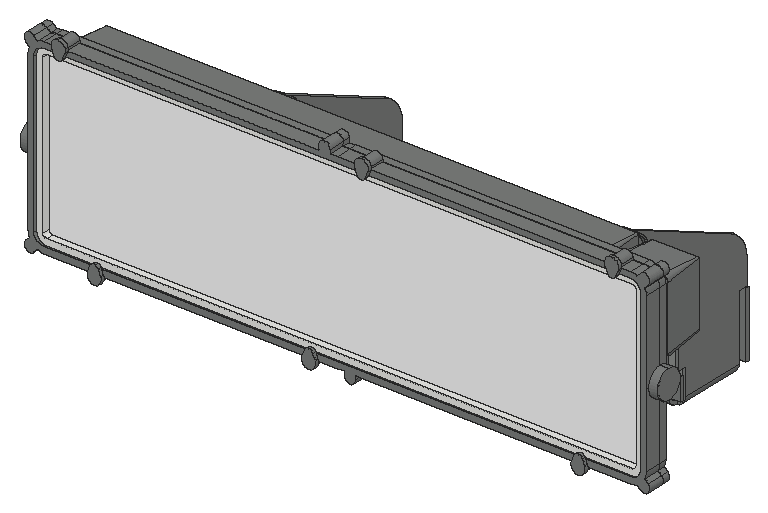
Revit family "Zumtobel ALTIS GEN5 1 Module", category Lighting Fixtures, host Face, Revit 2023
Family settings
  Host = Face
  Round Connector Dimension = Use Diameter
  Part Type = Normal
  Cut with Voids When Loaded = No
  Light Source = No
  Maintain Annotation Orientation = No
  Shared = No
  Room Calculation Point = Yes
Parameters (values of type "ALG5 144L105-740 PST A6 ANT")
  Wattage = 457 W
  Visibility Upright Placed [instance] = Upright Placed  # yes
  Visibility Support = Power Supply Support  # no
  Visibility Leaning Placed [instance] = not(Visibility Upright Placed)  # no
  Visibility Gearbox = and(Power Supply Support, Gearbox)  # no
  Visibility Connection Box = and(Power Supply Support, Junction Box)  # no
  Upright Placed [instance] = yes
  URL = "https://www.thornlighting.com/96671918"
  Type Junction Box = Thorn ALTIS GEN5 Junction Box : ALG5 JUNCTION BOX GB TO 3X1 MODULE
  Type Image = TLG_ALT5_F_V1_FIFA.jpg
  Type IFC Predefined Type = "DIRECTIONSOURCE"
  Type Gearbox = Thorn ALTIS GEN5 Gearbox-Premium-class C5 with NTC : ALG5 GB 1368W 0.70A 565V 2CH DA
  Tilt Angle [instance] = 0.00°
  SELECT MODULE PROPERTIES = "SELECT INSTALLATION PROPERTIES"  # constant formula
  SELECT INSTALLATION PROPERTIES [instance] = "SELECT INSTALLATION PROPERTIES"  # constant formula
  SELECT ACCESSORIES = "SELECT CONNECTION BOX POSITION"  # constant formula
  RGB Light Colours = no
  Product ID = ""
  Power Supply Support = no
  Power Factor = 1
  Model = "96671918"
  Material = Thorn-Aluminium-RAL 7043-Traffic Grey B
  Manufacturer = "Zumtobel Lighting"  # constant formula
  Luminaire Width = 675 mm  # constant formula
  Luminaire Length = 170 mm  # constant formula
  Luminaire Height = 369 mm  # constant formula
  Lamp = "LED"  # constant formula
  Initial Color Temperature = 4000 K
  Gearbox = no
  Export Type to IFC As = "IfcLightFixtureType"
  Description = "Sports Floodlighting"  # constant formula
  Default Elevation = 0 mm  # constant formula
  Junction Box = no
  Assembly Code = "Pr_70_70_48_31"
  Apparent Load = Wattage / Power Factor  # 457 VA
  1 Module Standalone = no
  1 Module = yes
Reference planes
  plane 1 "Center (Front/Back)": y = 0
  plane 2: z = 0
  plane 3 "Center (Left/Right)": x = 0
  plane 4: x = -337.5
  plane 5: x = 337.5
  plane 6: z = 369
  plane 7: y = 45
Dimensions and locks
  equal spacing: plane 4, plane 3 "Center (Left/Right)", plane 5
  "Luminaire Width": plane 4 to plane 5
  "Luminaire Height": plane 6 to level
  aligned and locked: plane 2 to host face
  aligned and locked: level to host face
  aligned and locked: host face to nested 1
Automatic sketch dimensions
  host sketch curve to host sketch curve = 2438.4 mm  (x2)
Nested families
  nested 1: "Thorn-Parts-ALTIS GEN 5-Housing 1 Module-Brick-Tilt" at (0, -125, 170.15), 1 Module Standalone <- "1 Module Standalone", Tilt Angle <- "Tilt Angle", visible <- "Visibility Upright Placed", Material Housing <- "Material", RGB Light Colours <- "RGB Light Colours", type "00"
    with Type Module none, Tilt Angle 0.00°, RGB Light Colours no, Material Housing Thorn-Aluminium-RAL 7043-Traffic Grey B, Angle 2 0.00°, Angle 1 0.00°, Angle 0.00°, 1 Module Standalone no, 1 Module yes
  nested 2: "Thorn-Parts-ALTIS GEN 5-Housing 1 Module-Brick-Tilt" at (0, -125.15, 170) x (-1, 0, 0) z (0, -1, 0), 1 Module Standalone <- "1 Module Standalone", Tilt Angle <- "Tilt Angle", visible <- "Visibility Leaning Placed", Material Housing <- "Material", RGB Light Colours <- "RGB Light Colours", type "00"
    with Type Module none, Tilt Angle 0.00°, RGB Light Colours no, Material Housing Thorn-Aluminium-RAL 7043-Traffic Grey B, Angle 2 0.00°, Angle 1 0.00°, Angle 0.00°, 1 Module Standalone no, 1 Module yes
  nested 3: "Thorn ALTIS GEN5 Accessories" at (0, 45, 0) x (1, 0, 0) z (0, 1, 0), visible <- "Visibility Support", Product ID <- "Product ID", type "ALTIS G4G5 GB BRACKET 2B LB STIRRUP ANT"
  nested 4: "Thorn ALTIS GEN5 Junction Box" at (0, 48, 212.5) x (-1, 0, 0) z (0, 1, 0), visible <- "Visibility Connection Box", Product ID <- "Product ID", type <- "Type Junction Box", type "ALG5 JUNCTION BOX GB TO 3X1 MODULE"
    with Product ID Suffix "01", Product ID "", Material Box Thorn-Aluminium-RAL 7043-Traffic Grey B
  nested 5: "Thorn ALTIS GEN5 Gearbox-Premium-class C5 with NTC" at (0, 102, 75) x (0, 0, -1) z (0, 1, 0), visible <- "Visibility Gearbox", type <- "Type Gearbox", type "ALG5 GB 1368W 0.70A 565V 2CH DA"
Connectors
  electrical at (0, 0, 0), driven by "Apparent Load", driven by "Power Factor"
    settings: index 1, voltage 230 V, apparent load 457 VA, apparent load phase1 0 VA, apparent load phase2 0 VA, apparent load phase3 0 VA, power factor 1, load classification "Lighting", number of poles 1, system type 30, power factor state 1, is connector primary yes, connector utility no, sub classification motor no, connector description ""
Definition of nested family "Thorn-Parts-ALTIS GEN 5-Housing 1 Module-Brick-Tilt"
  Parameters (values of type "00")
    Type Module Standard = Thorn-Parts-ALTIS GEN 5-Housing 1 Module-Brick : Standard
    Type Module RGB = Thorn-Parts-ALTIS GEN 5-Housing 1 Module-Brick : RGB
    Type Module [instance] = if(RGB Light Colours, Type Module RGB, Type Module Standard)  # Thorn-Parts-ALTIS GEN 5-Housing 1 Module-Brick : Standard
    Tilt Angle [instance] = 0.00°
    RGB Light Colours [instance] = no
    Material Housing [instance] = none
    Manufacturer = "Zumtobel Lighting"  # constant formula
    Default Elevation = 0 mm  # constant formula
    D = 372 mm  # constant formula
    Angle 2 [instance] = if(Tilt Angle > 90.00°, 90.00°, if(Tilt Angle < -45.00°, -45.00°, Tilt Angle))  # 0.00°
    Angle 1 [instance] = if(Tilt Angle > 80.00°, 80.00°, if(Tilt Angle < -90.00°, -90.00°, Tilt Angle))  # 0.00°
    Angle [instance] = if([1 Module], Angle 1, Angle 2)  # 0.00°
    1 Module Standalone [instance] = no
    1 Module [instance] = not([1 Module Standalone])  # yes
  Reference planes
    plane 1 "Center (Front/Back)": y = 0
    plane 2: z = 0
    plane 3 "Center (Left/Right)": x = 0
    plane 4: y = 125
    plane 5: y = 170
    plane 6: y = 80
    plane 7: z = -170.15
    plane 8: x = -186
    plane 9: x = 186
    plane 10: y = 160
    plane 11: y = 90
    plane 12: z = -80.15
  Forms (mm)
    Extrusion 1, solid, material <- "Material Housing"
      sketch origin (0, 0, 0) x (0, 1, 0) y (0, 0, 1)
        loop
          arc (170, -63.025) -> (164.523, -44.226) -> (149.806, -31.31) r 35
          line (149.806, -31.31) -> (14.806, 31.714)
          arc (14.806, 31.714) -> (-31.714, 14.806) -> (-14.806, -31.714) r 35
          line (-14.806, -31.714) -> (74.23, -73.281)
          arc (74.23, -73.281) -> (78.435, -76.971) -> (80, -82.342) r 10
          line (80, -82.342) -> (80, -131.15) -> (90, -131.15) -> (90, -160.15) -> (160, -160.15) -> (160, -90.15) -> (170, -90.15) -> (170, -63.025)
      from 181 to 184
    Extrusion 2, solid, material <- "Material Housing"
      sketch origin (0, 0, 0) x (0, 1, 0) y (0, 0, -1)
        loop
          line (170, 63.025) -> (170, 84.15) -> (165, 84.15) -> (165, 90.15) -> (160, 90.15) -> (160, 160.15) -> (90, 160.15) -> (90, 131.15) -> (80, 131.15) -> (80, 82.342)
          arc (80, 82.342) -> (78.435, 76.971) -> (74.23, 73.281) r 10
          line (74.23, 73.281) -> (-14.806, 31.714)
          arc (-14.806, 31.714) -> (-31.714, -14.806) -> (14.806, -31.714) r 35
          line (14.806, -31.714) -> (149.806, 31.31)
          arc (149.806, 31.31) -> (164.523, 44.226) -> (170, 63.025) r 35
      from 181 to 184
    Extrusion 3, solid, material <- "Material Housing"
      sketch origin (0, 0, 0) x (1, 0, 0) y (0, 0, 1)
        loop
          line (-174, -170.15) -> (174, -170.15)
          arc (174, -170.15) -> (181.071, -167.221) -> (184, -160.15) r 10
          line (184, -160.15) -> (181, -160.15)
          arc (181, -160.15) -> (178.95, -165.1) -> (174, -167.15) r 7
          line (174, -167.15) -> (-174, -167.15)
          arc (-174, -167.15) -> (-178.95, -165.1) -> (-181, -160.15) r 7
          line (-181, -160.15) -> (-184, -160.15)
          arc (-184, -160.15) -> (-181.071, -167.221) -> (-174, -170.15) r 10
      from -160 to -90
    Extrusion 4, solid, material <- "Material Housing"
      sketch origin (0, 0, 0) x (0, 1, 0) y (0, 0, 1)
        loop
          line (170, -160.15) -> (167, -160.15)
          arc (167, -160.15) -> (164.95, -165.1) -> (160, -167.15) r 7
          line (160, -167.15) -> (160, -170.15)
          arc (160, -170.15) -> (167.071, -167.221) -> (170, -160.15) r 10
        loop
          arc (80, -160.15) -> (82.929, -167.221) -> (90, -170.15) r 10
          line (90, -170.15) -> (90, -167.15)
          arc (90, -167.15) -> (85.05, -165.1) -> (83, -160.15) r 7
          line (83, -160.15) -> (80, -160.15)
      from -174 to 174
    Extrusion 5, solid, material <- "Material Housing"
      sketch origin (0, 0, 0) x (1, 0, 0) y (0, 0, 1)
        loop
          line (-186, -160.15) -> (186, -160.15) -> (186, -136.15) -> (146, -136.15) -> (135.393, -146.757) -> (-135.393, -146.757) -> (-146, -136.15) -> (-186, -136.15) -> (-186, -160.15)
      from -80 to -83
    Extrusion 6, solid, material <- "Material Housing"
      sketch origin (0, 0, 0) x (1, 0, 0) y (0, 0, 1)
        loop
          line (-186, -160.15) -> (186, -160.15) -> (186, -90.15) -> (-186, -90.15) -> (-186, -160.15)
      from -167 to -170
    Extrusion 7, solid, material <- "Material Housing"
      sketch origin (0, 0, -250.3) x (0, 1, 0) y (0, 0, 1)
        loop
          arc (170, 160.15) -> (167.071, 167.221) -> (160, 170.15) r 10
          line (160, 170.15) -> (160, 167.15)
          arc (160, 167.15) -> (164.95, 165.1) -> (167, 160.15) r 7
          line (167, 160.15) -> (170, 160.15)
      from -174 to 174
    Extrusion 8, solid, material <- "Material Housing"
      sketch origin (0, 0, 0) x (1, 0, 0) y (0, 1, 0)
        loop
          line (-174, 160) -> (-174, 155) -> (-181, 155) -> (-181, 140) -> (-156, 140) -> (-143.01, 147.5) -> (0, 147.5) -> (143.01, 147.5) -> (156, 140) -> (181, 140) -> (181, 155) -> (174, 155) -> (174, 160) -> (-174, 160)
      from -80.15 to -83.15
    Extrusion 9, void
      sketch origin (0, 0, 0) x (1, 0, 0) y (0, 0, 1)
        loop
          circle (0, -125.15) r 11
        loop
          circle (-50.5, -125.15) r 7
        loop
          circle (-99.5, -125.15) r 8
        loop
          circle (50.5, -125.15) r 7
        loop
          circle (99.5, -125.15) r 8
      from -175 to -160
    Extrusion 10, void
      sketch origin (0, 0, 0) x (1, 0, 0) y (0, 1, 0)
        loop
          circle (0, 125) r 11
        loop
          circle (50.5, 125) r 7
        loop
          circle (99.5, 125) r 8
        loop
          circle (-50.5, 125) r 7
        loop
          circle (-99.5, 125) r 8
      from -175 to -160
    Extrusion 11, solid, material <- "Material Housing", not visible
      sketch origin (0, 0, 0) x (0, 1, 0) y (0, 0, 1)
        loop
          arc (170, -63.025) -> (164.523, -44.226) -> (149.806, -31.31) r 35
          line (149.806, -31.31) -> (14.806, 31.714)
          arc (14.806, 31.714) -> (-31.714, 14.806) -> (-14.806, -31.714) r 35
          line (-14.806, -31.714) -> (74.23, -73.281)
          arc (74.23, -73.281) -> (78.435, -76.971) -> (80, -82.342) r 10
          line (80, -82.342) -> (80, -131.15) -> (90, -131.15) -> (90, -160.15) -> (160, -160.15) -> (160, -90.15) -> (170, -90.15) -> (170, -63.025)
      from 181 to 184
    Extrusion 12, solid, material <- "Material Housing", not visible
      sketch origin (0, 0, 0) x (0, 1, 0) y (0, 0, -1)
        loop
          line (170, 63.025) -> (170, 84.15) -> (165, 84.15) -> (165, 90.15) -> (160, 90.15) -> (160, 160.15) -> (90, 160.15) -> (90, 131.15) -> (80, 131.15) -> (80, 82.342)
          arc (80, 82.342) -> (78.435, 76.971) -> (74.23, 73.281) r 10
          line (74.23, 73.281) -> (-14.806, 31.714)
          arc (-14.806, 31.714) -> (-31.714, -14.806) -> (14.806, -31.714) r 35
          line (14.806, -31.714) -> (149.806, 31.31)
          arc (149.806, 31.31) -> (164.523, 44.226) -> (170, 63.025) r 35
      from 181 to 184
    Extrusion 13, solid, material <- "Material Housing", not visible
      sketch origin (0, 0, 0) x (1, 0, 0) y (0, 0, 1)
        loop
          line (-174, -170.15) -> (174, -170.15)
          arc (174, -170.15) -> (181.071, -167.221) -> (184, -160.15) r 10
          line (184, -160.15) -> (181, -160.15)
          arc (181, -160.15) -> (178.95, -165.1) -> (174, -167.15) r 7
          line (174, -167.15) -> (-174, -167.15)
          arc (-174, -167.15) -> (-178.95, -165.1) -> (-181, -160.15) r 7
          line (-181, -160.15) -> (-184, -160.15)
          arc (-184, -160.15) -> (-181.071, -167.221) -> (-174, -170.15) r 10
      from -160 to -90
    Extrusion 14, solid, material <- "Material Housing", not visible
      sketch origin (0, 0, 0) x (0, 1, 0) y (0, 0, 1)
        loop
          line (170, -160.15) -> (167, -160.15)
          arc (167, -160.15) -> (164.95, -165.1) -> (160, -167.15) r 7
          line (160, -167.15) -> (160, -170.15)
          arc (160, -170.15) -> (167.071, -167.221) -> (170, -160.15) r 10
        loop
          arc (80, -160.15) -> (82.929, -167.221) -> (90, -170.15) r 10
          line (90, -170.15) -> (90, -167.15)
          arc (90, -167.15) -> (85.05, -165.1) -> (83, -160.15) r 7
          line (83, -160.15) -> (80, -160.15)
      from -174 to 174
    Extrusion 15, solid, material <- "Material Housing", not visible
      sketch origin (0, 0, 0) x (1, 0, 0) y (0, 0, 1)
        loop
          line (-186, -160.15) -> (186, -160.15) -> (186, -136.15) -> (146, -136.15) -> (135.393, -146.757) -> (-135.393, -146.757) -> (-146, -136.15) -> (-186, -136.15) -> (-186, -160.15)
      from -80 to -83
    Extrusion 16, solid, material <- "Material Housing", not visible
      sketch origin (0, 0, 0) x (1, 0, 0) y (0, 0, 1)
        loop
          line (-186, -160.15) -> (186, -160.15) -> (186, -90.15) -> (-186, -90.15) -> (-186, -160.15)
      from -167 to -170
    Extrusion 17, solid, material <- "Material Housing", not visible
      sketch origin (0, 0, -250.3) x (0, 1, 0) y (0, 0, 1)
        loop
          arc (170, 160.15) -> (167.071, 167.221) -> (160, 170.15) r 10
          line (160, 170.15) -> (160, 167.15)
          arc (160, 167.15) -> (164.95, 165.1) -> (167, 160.15) r 7
          line (167, 160.15) -> (170, 160.15)
      from -174 to 174
    Extrusion 18, solid, material <- "Material Housing", not visible
      sketch origin (0, 0, 0) x (1, 0, 0) y (0, 1, 0)
        loop
          line (-174, 160) -> (-174, 155) -> (-181, 155) -> (-181, 140) -> (-156, 140) -> (-143.01, 147.5) -> (0, 147.5) -> (143.01, 147.5) -> (156, 140) -> (181, 140) -> (181, 155) -> (174, 155) -> (174, 160) -> (-174, 160)
      from -80.15 to -83.15
    Extrusion 19, void, not visible
      sketch origin (0, 0, 0) x (1, 0, 0) y (0, 0, 1)
        loop
          circle (0, -125.15) r 11
        loop
          circle (-50.5, -125.15) r 7
        loop
          circle (-99.5, -125.15) r 8
        loop
          circle (50.5, -125.15) r 7
        loop
          circle (99.5, -125.15) r 8
      from -175 to -160
    Extrusion 20, void, not visible
      sketch origin (0, 0, 0) x (1, 0, 0) y (0, 1, 0)
        loop
          circle (0, 125) r 11
        loop
          circle (50.5, 125) r 7
        loop
          circle (99.5, 125) r 8
        loop
          circle (-50.5, 125) r 7
        loop
          circle (-99.5, 125) r 8
      from -175 to -160
  Cuts and joins
    Extrusion 10 cuts Extrusion 3
    Extrusion 9 cuts Extrusion 6
    joined: Extrusion 1, Extrusion 2, Extrusion 3, Extrusion 4, Extrusion 5, Extrusion 6, Extrusion 7, Extrusion 8
  Lines and regions (mm)
    reference lines
      curve 1: line (0, 0, 0) -> (0, 0, 500)
      curve 2: circle (0, 0, 0) r 500 normal (1, 0, 0)
  Dimensions and locks
    plane 4 to plane 1 "Center (Front/Back)" = 125 mm
    plane 5 to plane 1 "Center (Front/Back)" = 170 mm
    plane 5 to plane 6 = 90 mm
    equal spacing: plane 8, plane 3 "Center (Left/Right)", plane 9
    "D": plane 8 to plane 9
    plane 5 to plane 10 = 10 mm
    plane 11 to plane 6 = 10 mm
    "Angle": angle curve 1 to plane 1 "Center (Front/Back)"
    aligned and locked: level to plane 2
    aligned and locked: plane 2 to curve 1
    aligned and locked: plane 1 "Center (Front/Back)" to curve 1
  Automatic sketch dimensions
    Extrusion 1 sketch curve to Extrusion 1 sketch curve = 10.256 mm
    Extrusion 1 sketch curve to Extrusion 1 sketch curve = 27.125 mm
    Extrusion 2 sketch curve to Extrusion 2 sketch curve = 10.256 mm
    Extrusion 2 sketch curve to Extrusion 2 sketch curve = 21.125 mm
    Extrusion 2 sketch curve to Extrusion 2 sketch curve = 6 mm
    Extrusion 3 sketch curve to Extrusion 3 sketch curve = 0 mm  (x6)
    Extrusion 3 sketch curve to Extrusion 3 sketch curve = 3 mm
    Extrusion 3 sketch curve to Extrusion 3 sketch curve = 7 mm  (x2)
    Extrusion 4 sketch curve to Extrusion 4 sketch curve = 3 mm  (x2)
    Extrusion 5 sketch curve to Extrusion 5 sketch curve = 10.607 mm  (x4)
    Extrusion 5 sketch curve to Extrusion 5 sketch curve = 24 mm
    Extrusion 6 sketch curve to Extrusion 6 sketch curve = 70 mm
    Extrusion 7 sketch curve to Extrusion 7 sketch curve = 3 mm
    Extrusion 8 sketch curve to Extrusion 8 sketch curve = 12.99 mm  (x2)
    Extrusion 8 sketch curve to Extrusion 8 sketch curve = 5 mm
    Extrusion 9 sketch curve to Extrusion 9 sketch curve = 49 mm  (x2)
    Extrusion 10 sketch curve to Extrusion 10 sketch curve = 49 mm  (x2)
    Extrusion 10 sketch curve to Extrusion 10 sketch curve = 0 mm  (x4)
    Extrusion 1 sketch curve to Extrusion 1 sketch curve = 14.806 mm  (x3)
    Extrusion 1 sketch curve to Extrusion 1 sketch curve = 84.806 mm
    Extrusion 1 sketch curve to Extrusion 1 sketch curve = 4.23 mm
    Extrusion 1 sketch curve to Extrusion 1 sketch curve = 10 mm  (x3)
    Extrusion 1 sketch curve to Extrusion 1 sketch curve = 55 mm
    Extrusion 1 sketch curve to Extrusion 1 sketch curve = 25 mm
    Extrusion 1 sketch curve to Extrusion 1 sketch curve = 29 mm
    Extrusion 1 sketch curve to Extrusion 1 sketch curve = 70 mm
    Extrusion 1 sketch curve to Extrusion 1 sketch curve = 41.566 mm
    Extrusion 1 sketch curve to Extrusion 1 sketch curve = 31.714 mm
    Extrusion 2 sketch curve to Extrusion 2 sketch curve = 14.806 mm  (x3)
    Extrusion 2 sketch curve to Extrusion 2 sketch curve = 84.806 mm
    Extrusion 2 sketch curve to Extrusion 2 sketch curve = 4.23 mm
    Extrusion 2 sketch curve to Extrusion 2 sketch curve = 10 mm  (x2)
    Extrusion 2 sketch curve to Extrusion 2 sketch curve = 55 mm
    Extrusion 2 sketch curve to Extrusion 2 sketch curve = 25 mm
    Extrusion 2 sketch curve to Extrusion 2 sketch curve = 5 mm  (x2)
    Extrusion 2 sketch curve to Extrusion 2 sketch curve = 31.714 mm
    Extrusion 2 sketch curve to Extrusion 2 sketch curve = 63.025 mm
    Extrusion 2 sketch curve to Extrusion 2 sketch curve = 48.808 mm
    Extrusion 2 sketch curve to Extrusion 2 sketch curve = 29 mm
    Extrusion 3 sketch curve to Extrusion 3 sketch curve = 348 mm
    Extrusion 4 sketch curve to Extrusion 4 sketch curve = 0 mm  (x5)
    Extrusion 4 sketch curve to Extrusion 4 sketch curve = 7 mm  (x2)
    Extrusion 4 sketch curve to Extrusion 4 sketch curve = 70 mm
    Extrusion 5 sketch curve to Extrusion 5 sketch curve = 40 mm  (x2)
    Extrusion 5 sketch curve to Extrusion 5 sketch curve = 270.787 mm
    Extrusion 6 sketch curve to Extrusion 6 sketch curve = 372 mm
    Extrusion 7 sketch curve to Extrusion 7 sketch curve = 0 mm  (x2)
    Extrusion 7 sketch curve to Extrusion 7 sketch curve = 7 mm
    Extrusion 8 sketch curve to Extrusion 8 sketch curve = 7 mm  (x2)
    Extrusion 8 sketch curve to Extrusion 8 sketch curve = 18 mm  (x2)
    Extrusion 8 sketch curve to Extrusion 8 sketch curve = 143.01 mm  (x2)
    Extrusion 8 sketch curve to Extrusion 8 sketch curve = 0 mm
    Extrusion 8 sketch curve to Extrusion 8 sketch curve = 7.5 mm
    Extrusion 8 sketch curve to Extrusion 8 sketch curve = 15 mm  (x2)
    Extrusion 9 sketch curve to Extrusion 9 sketch curve = 50.5 mm  (x2)
    Extrusion 9 sketch curve to Extrusion 9 sketch curve = 0 mm  (x4)
    Extrusion 10 sketch curve to Extrusion 10 sketch curve = 50.5 mm  (x2)
    Extrusion 11 sketch curve to Extrusion 11 sketch curve = 10.256 mm
    Extrusion 11 sketch curve to Extrusion 11 sketch curve = 27.125 mm
    Extrusion 12 sketch curve to Extrusion 12 sketch curve = 10.256 mm
    Extrusion 12 sketch curve to Extrusion 12 sketch curve = 21.125 mm
    Extrusion 12 sketch curve to Extrusion 12 sketch curve = 6 mm
    Extrusion 13 sketch curve to Extrusion 13 sketch curve = 0 mm  (x6)
    Extrusion 13 sketch curve to Extrusion 13 sketch curve = 3 mm
    Extrusion 13 sketch curve to Extrusion 13 sketch curve = 7 mm  (x2)
    Extrusion 14 sketch curve to Extrusion 14 sketch curve = 3 mm  (x2)
    Extrusion 15 sketch curve to Extrusion 15 sketch curve = 10.607 mm  (x4)
    Extrusion 15 sketch curve to Extrusion 15 sketch curve = 24 mm
    Extrusion 16 sketch curve to Extrusion 16 sketch curve = 70 mm
    Extrusion 17 sketch curve to Extrusion 17 sketch curve = 3 mm
    Extrusion 18 sketch curve to Extrusion 18 sketch curve = 12.99 mm  (x2)
    Extrusion 18 sketch curve to Extrusion 18 sketch curve = 5 mm
    Extrusion 19 sketch curve to Extrusion 19 sketch curve = 49 mm  (x2)
    Extrusion 20 sketch curve to Extrusion 20 sketch curve = 49 mm  (x2)
    Extrusion 20 sketch curve to Extrusion 20 sketch curve = 0 mm  (x4)
    Extrusion 11 sketch curve to Extrusion 11 sketch curve = 14.806 mm  (x3)
    Extrusion 11 sketch curve to Extrusion 11 sketch curve = 84.806 mm
    Extrusion 11 sketch curve to Extrusion 11 sketch curve = 4.23 mm
    Extrusion 11 sketch curve to Extrusion 11 sketch curve = 10 mm  (x3)
    Extrusion 11 sketch curve to Extrusion 11 sketch curve = 55 mm
    Extrusion 11 sketch curve to Extrusion 11 sketch curve = 25 mm
    Extrusion 11 sketch curve to Extrusion 11 sketch curve = 29 mm
    Extrusion 11 sketch curve to Extrusion 11 sketch curve = 70 mm
    Extrusion 11 sketch curve to Extrusion 11 sketch curve = 41.566 mm
    Extrusion 11 sketch curve to Extrusion 11 sketch curve = 31.714 mm
    Extrusion 12 sketch curve to Extrusion 12 sketch curve = 14.806 mm  (x3)
    Extrusion 12 sketch curve to Extrusion 12 sketch curve = 84.806 mm
    Extrusion 12 sketch curve to Extrusion 12 sketch curve = 4.23 mm
    Extrusion 12 sketch curve to Extrusion 12 sketch curve = 10 mm  (x2)
    Extrusion 12 sketch curve to Extrusion 12 sketch curve = 55 mm
    Extrusion 12 sketch curve to Extrusion 12 sketch curve = 25 mm
    Extrusion 12 sketch curve to Extrusion 12 sketch curve = 5 mm  (x2)
    Extrusion 12 sketch curve to Extrusion 12 sketch curve = 31.714 mm
    Extrusion 12 sketch curve to Extrusion 12 sketch curve = 63.025 mm
    Extrusion 12 sketch curve to Extrusion 12 sketch curve = 48.808 mm
    Extrusion 12 sketch curve to Extrusion 12 sketch curve = 29 mm
    Extrusion 13 sketch curve to Extrusion 13 sketch curve = 348 mm
    Extrusion 14 sketch curve to Extrusion 14 sketch curve = 0 mm  (x5)
    Extrusion 14 sketch curve to Extrusion 14 sketch curve = 7 mm  (x2)
    Extrusion 14 sketch curve to Extrusion 14 sketch curve = 70 mm
    Extrusion 15 sketch curve to Extrusion 15 sketch curve = 40 mm  (x2)
    Extrusion 15 sketch curve to Extrusion 15 sketch curve = 270.787 mm
    Extrusion 16 sketch curve to Extrusion 16 sketch curve = 372 mm
    Extrusion 17 sketch curve to Extrusion 17 sketch curve = 0 mm  (x2)
    Extrusion 17 sketch curve to Extrusion 17 sketch curve = 7 mm
    Extrusion 18 sketch curve to Extrusion 18 sketch curve = 7 mm  (x2)
    Extrusion 18 sketch curve to Extrusion 18 sketch curve = 18 mm  (x2)
    Extrusion 18 sketch curve to Extrusion 18 sketch curve = 143.01 mm  (x2)
    Extrusion 18 sketch curve to Extrusion 18 sketch curve = 0 mm
    Extrusion 18 sketch curve to Extrusion 18 sketch curve = 7.5 mm
    Extrusion 18 sketch curve to Extrusion 18 sketch curve = 15 mm  (x2)
    Extrusion 19 sketch curve to Extrusion 19 sketch curve = 50.5 mm  (x2)
    Extrusion 19 sketch curve to Extrusion 19 sketch curve = 0 mm  (x4)
    Extrusion 20 sketch curve to Extrusion 20 sketch curve = 50.5 mm  (x2)
    curve 2 to level = 0 mm
    curve 2 to plane 1 "Center (Front/Back)" = 0 mm
    radius of Extrusion 9 sketch curve = 11 mm
    radius of Extrusion 9 sketch curve = 7 mm  (x2)
    radius of Extrusion 9 sketch curve = 8 mm  (x2)
    radius of Extrusion 10 sketch curve = 11 mm
    radius of Extrusion 10 sketch curve = 7 mm  (x2)
    radius of Extrusion 10 sketch curve = 8 mm  (x2)
    radius of Extrusion 19 sketch curve = 11 mm
    radius of Extrusion 19 sketch curve = 7 mm  (x2)
    radius of Extrusion 19 sketch curve = 8 mm  (x2)
    radius of Extrusion 20 sketch curve = 11 mm
    radius of Extrusion 20 sketch curve = 7 mm  (x2)
    radius of Extrusion 20 sketch curve = 8 mm  (x2)
  Nested families
    nested 1: "Thorn-Parts-ALTIS GEN 5-Housing 1 Module-Brick" at (0, -118.2, 86.6) x (1, 0, 0) z (0, -1, 0), Material Housing <- "Material Housing", visible <- "1 Module Standalone", type <- "Type Module", type "Standard"
      with Visibility Brackets Standalone yes, Visibility Brackets no, Material Housing none
    nested 2: "Thorn-Parts-ALTIS GEN 5-Housing 1 Module-Brick" at (0, -124.6, 0) x (1, 0, 0) z (0, -1, 0), Material Housing <- "Material Housing", visible <- "1 Module", type <- "Type Module", type "Standard"
      with Visibility Brackets Standalone no, Visibility Brackets yes, Material Housing none
  Definition of nested family "Thorn-Parts-ALTIS GEN 5-Housing 1 Module-Brick"
    Parameters (values of type "RGB")
      Visibility Standard Module = no
      Visibility RGBW Module = yes
      Visibility Brackets Standalone [instance] = yes
      Visibility Brackets [instance] = no
      Material Housing [instance] = none
      Manufacturer = "Zumtobel Lighting"  # constant formula
      Default Elevation = 0 mm  # constant formula
      D = 364 mm
    Types (2, lengths in mm): name | Visibility Standard Module | Visibility RGBW Module
      RGB | no | yes
      Standard | yes | no
    Reference planes
      plane 1 "Center (Front/Back)": y = 0
      plane 2: z = 0
      plane 3 "Center (Left/Right)": x = 0
      plane 4: x = -337.5
      plane 5: x = 337.5
      plane 6: x = -182
      plane 7: x = 182
      plane 8: z = -124.6
      plane 9: z = -118.2
      plane 10: z = 20
      plane 11: y = -86.6
      plane 12: z = -66
      plane 13: z = -89.5
      plane 14: y = 22.5
      plane 15: z = -89.5
      plane 16: y = 22.5
    Forms (mm)
      Extrusion 1, solid, material <- "Material Housing"
        sketch origin (0, -2.15, 0) x (1, 0, 0) y (0, 1, 0)
          loop
            line (-327.5, 2.15) -> (-327.5, -77)
            arc (-327.5, -77) -> (-327.118, -80.583) -> (-325.99, -84.005) r 17
            line (-325.99, -84.005) -> (-329.592, -87.607)
            arc (-329.592, -87.607) -> (-329.592, -96.092) -> (-321.107, -96.092) r 6
            line (-321.107, -96.092) -> (-317.505, -92.49)
            arc (-317.505, -92.49) -> (-314.083, -93.618) -> (-310.5, -94) r 17
            line (-310.5, -94) -> (0, -94) -> (7.5, -94) -> (7.5, -98)
            arc (7.5, -98) -> (13.5, -104) -> (19.5, -98) r 6
            line (19.5, -98) -> (19.5, -94) -> (310.5, -94)
            arc (310.5, -94) -> (314.083, -93.618) -> (317.505, -92.49) r 17
            line (317.505, -92.49) -> (321.107, -96.092)
            arc (321.107, -96.092) -> (329.592, -96.092) -> (329.592, -87.607) r 6
            line (329.592, -87.607) -> (325.99, -84.005)
            arc (325.99, -84.005) -> (327.118, -80.583) -> (327.5, -77) r 17
            line (327.5, -77) -> (327.5, 2.15) -> (327.5, 90)
            arc (327.5, 90) -> (327.118, 93.583) -> (325.99, 97.005) r 17
            line (325.99, 97.005) -> (329.592, 100.607)
            arc (329.592, 100.607) -> (329.592, 109.092) -> (321.107, 109.092) r 6
            line (321.107, 109.092) -> (317.505, 105.49)
            arc (317.505, 105.49) -> (314.083, 106.618) -> (310.5, 107) r 17
            line (310.5, 107) -> (0, 107) -> (-7.5, 107) -> (-7.5, 111)
            arc (-7.5, 111) -> (-13.5, 117) -> (-19.5, 111) r 6
            line (-19.5, 111) -> (-19.5, 107) -> (-310.5, 107)
            arc (-310.5, 107) -> (-314.083, 106.618) -> (-317.505, 105.49) r 17
            line (-317.505, 105.49) -> (-321.107, 109.092)
            arc (-321.107, 109.092) -> (-329.592, 109.092) -> (-329.592, 100.607) r 6
            line (-329.592, 100.607) -> (-325.99, 97.005)
            arc (-325.99, 97.005) -> (-327.118, 93.583) -> (-327.5, 90) r 17
            line (-327.5, 90) -> (-327.5, 2.15)
          loop
            line (310.5, 101) -> (-310.5, 101)
            arc (-310.5, 101) -> (-318.278, 97.778) -> (-321.5, 90) r 11
            line (-321.5, 90) -> (-321.5, -77)
            arc (-321.5, -77) -> (-318.278, -84.778) -> (-310.5, -88) r 11
            line (-310.5, -88) -> (310.5, -88)
            arc (310.5, -88) -> (318.278, -84.778) -> (321.5, -77) r 11
            line (321.5, -77) -> (321.5, 90)
            arc (321.5, 90) -> (318.278, 97.778) -> (310.5, 101) r 11
        from 0 to 17
      Extrusion 2, solid, material <- "Material Housing"
        sketch origin (0, -2.15, 0) x (1, 0, 0) y (0, 1, 0)
          loop
            line (-327.5, 2.15) -> (-327.5, -77)
            arc (-327.5, -77) -> (-327.118, -80.583) -> (-325.99, -84.005) r 17
            line (-325.99, -84.005) -> (-329.592, -87.607)
            arc (-329.592, -87.607) -> (-329.592, -96.092) -> (-321.107, -96.092) r 6
            line (-321.107, -96.092) -> (-317.505, -92.49)
            arc (-317.505, -92.49) -> (-314.083, -93.618) -> (-310.5, -94) r 17
            line (-310.5, -94) -> (0, -94) -> (7.5, -94) -> (7.5, -98)
            arc (7.5, -98) -> (13.5, -104) -> (19.5, -98) r 6
            line (19.5, -98) -> (19.5, -94) -> (310.5, -94)
            arc (310.5, -94) -> (314.083, -93.618) -> (317.505, -92.49) r 17
            line (317.505, -92.49) -> (321.107, -96.092)
            arc (321.107, -96.092) -> (329.592, -96.092) -> (329.592, -87.607) r 6
            line (329.592, -87.607) -> (325.99, -84.005)
            arc (325.99, -84.005) -> (327.118, -80.583) -> (327.5, -77) r 17
            line (327.5, -77) -> (327.5, 2.15) -> (327.5, 90)
            arc (327.5, 90) -> (327.118, 93.583) -> (325.99, 97.005) r 17
            line (325.99, 97.005) -> (329.592, 100.607)
            arc (329.592, 100.607) -> (329.592, 109.092) -> (321.107, 109.092) r 6
            line (321.107, 109.092) -> (317.505, 105.49)
            arc (317.505, 105.49) -> (314.083, 106.618) -> (310.5, 107) r 17
            line (310.5, 107) -> (0, 107) -> (-7.5, 107) -> (-7.5, 111)
            arc (-7.5, 111) -> (-13.5, 117) -> (-19.5, 111) r 6
            line (-19.5, 111) -> (-19.5, 107) -> (-310.5, 107)
            arc (-310.5, 107) -> (-314.083, 106.618) -> (-317.505, 105.49) r 17
            line (-317.505, 105.49) -> (-321.107, 109.092)
            arc (-321.107, 109.092) -> (-329.592, 109.092) -> (-329.592, 100.607) r 6
            line (-329.592, 100.607) -> (-325.99, 97.005)
            arc (-325.99, 97.005) -> (-327.118, 93.583) -> (-327.5, 90) r 17
            line (-327.5, 90) -> (-327.5, 2.15)
        from 0 to -8
      Extrusion 3, solid, visible <- "Visibility Standard Module"
        sketch origin (0, -2.15, 0) x (1, 0, 0) y (0, 1, 0)
          loop
            line (-314.5, 90) -> (-314.5, -77)
            arc (-314.5, -77) -> (-313.328, -79.828) -> (-310.5, -81) r 4
            line (-310.5, -81) -> (310.5, -81)
            arc (310.5, -81) -> (313.328, -79.828) -> (314.5, -77) r 4
            line (314.5, -77) -> (314.5, 90)
            arc (314.5, 90) -> (313.328, 92.828) -> (310.5, 94) r 4
            line (310.5, 94) -> (-310.5, 94)
            arc (-310.5, 94) -> (-313.328, 92.828) -> (-314.5, 90) r 4
        from 0 to 6
      Blend 4, solid, material <- "Material Housing"
        base sketch origin (0, -2.15, 0) x (1, 0, 0) y (0, 1, 0)
          loop
            line (250.5, 91) -> (-310.5, 91)
            arc (-310.5, 91) -> (-314.743, 89.243) -> (-316.5, 85) r 6
            line (-316.5, 85) -> (-316.5, -72)
            arc (-316.5, -72) -> (-314.743, -76.243) -> (-310.5, -78) r 6
            line (-310.5, -78) -> (250.5, -78)
            arc (250.5, -78) -> (254.743, -76.243) -> (256.5, -72) r 6
            line (256.5, -72) -> (256.5, 85)
            arc (256.5, 85) -> (254.743, 89.243) -> (250.5, 91) r 6
        top sketch origin (0, -2.15, 0) x (1, 0, 0) y (0, 1, 0)
          loop
            line (251.5, -72) -> (251.5, 85)
            arc (251.5, 85) -> (251.207, 85.707) -> (250.5, 86) r 1
            line (250.5, 86) -> (-310.5, 86)
            arc (-310.5, 86) -> (-311.207, 85.707) -> (-311.5, 85) r 1
            line (-311.5, 85) -> (-311.5, -72)
            arc (-311.5, -72) -> (-311.207, -72.707) -> (-310.5, -73) r 1
            line (-310.5, -73) -> (250.5, -73)
            arc (250.5, -73) -> (251.207, -72.707) -> (251.5, -72) r 1
        from -8 to -66
      Blend 5, solid, material <- "Material Housing"
        base sketch origin (0, -2.15, 0) x (1, 0, 0) y (0, 1, 0)
          loop
            line (315.5, 91) -> (267.5, 91)
            arc (267.5, 91) -> (263.257, 89.243) -> (261.5, 85) r 6
            line (261.5, 85) -> (261.5, 17)
            arc (261.5, 17) -> (263.257, 12.757) -> (267.5, 11) r 6
            line (267.5, 11) -> (315.5, 11)
            arc (315.5, 11) -> (319.743, 12.757) -> (321.5, 17) r 6
            line (321.5, 17) -> (321.5, 85)
            arc (321.5, 85) -> (319.743, 89.243) -> (315.5, 91) r 6
        top sketch origin (0, -2.15, 0) x (1, 0, 0) y (0, 1, 0)
          loop
            arc (316.5, 85) -> (316.207, 85.707) -> (315.5, 86) r 1
            line (315.5, 86) -> (267.5, 86)
            arc (267.5, 86) -> (266.793, 85.707) -> (266.5, 85) r 1
            line (266.5, 85) -> (266.5, 17)
            arc (266.5, 17) -> (266.793, 16.293) -> (267.5, 16) r 1
            line (267.5, 16) -> (315.5, 16)
            arc (315.5, 16) -> (316.207, 16.293) -> (316.5, 17) r 1
            line (316.5, 17) -> (316.5, 85)
        from -18 to -66
      Extrusion 6, solid, material <- "Material Housing"
        sketch origin (0, -2.15, 0) x (1, 0, 0) y (0, 1, 0)
          loop
            arc (321.5, 85) -> (319.743, 89.243) -> (315.5, 91) r 6
            line (315.5, 91) -> (267.5, 91)
            arc (267.5, 91) -> (263.257, 89.243) -> (261.5, 85) r 6
            line (261.5, 85) -> (261.5, -13)
            arc (261.5, -13) -> (263.257, -17.243) -> (267.5, -19) r 6
            line (267.5, -19) -> (315.5, -19)
            arc (315.5, -19) -> (319.743, -17.243) -> (321.5, -13) r 6
            line (321.5, -13) -> (321.5, 85)
        from -8 to -18
      Extrusion 7, solid, material <- "Material Housing"
        sketch origin (0, 0, 0) x (1, 0, 0) y (0, 1, 0)
          loop
            arc (-297.646, 97.503) -> (-293, 94.35) -> (-288.354, 97.503) r 5
            line (-288.354, 97.503) -> (-285.995, 103.671)
            arc (-285.995, 103.671) -> (-293, 113.85) -> (-300.005, 103.671) r 7.5
            line (-300.005, 103.671) -> (-297.646, 97.503)
        from 17 to 20
      Extrusion 8, solid, material <- "Material Housing"
        sketch origin (0, 0, 0) x (1, 0, 0) y (0, 1, 0)
          loop
            arc (-287, 106.35) -> (-293, 112.35) -> (-299, 106.35) r 6
            line (-299, 106.35) -> (-299, 104.85) -> (-287, 104.85) -> (-287, 106.35)
        from 0 to 17
      Extrusion 9, solid, material <- "Material Housing"
        sketch origin (0, 0, 0) x (-1, 0, 0) y (0, -1, 0)
          loop
            line (-297.646, -97.503) -> (-300.005, -103.671)
            arc (-300.005, -103.671) -> (-293, -113.85) -> (-285.995, -103.671) r 7.5
            line (-285.995, -103.671) -> (-288.354, -97.503)
            arc (-288.354, -97.503) -> (-293, -94.35) -> (-297.646, -97.503) r 5
        from 17 to 20
      Extrusion 10, solid, material <- "Material Housing"
        sketch origin (0, 0, 0) x (-1, 0, 0) y (0, -1, 0)
          loop
            line (-287, -106.35) -> (-287, -104.85) -> (-299, -104.85) -> (-299, -106.35)
            arc (-299, -106.35) -> (-293, -112.35) -> (-287, -106.35) r 6
        from 0 to 17
      Extrusion 11, solid, material <- "Material Housing"
        sketch origin (38, 8.7, 0) x (1, 0, 0) y (0, 1, 0)
          loop
            line (-297.646, -97.503) -> (-300.005, -103.671)
            arc (-300.005, -103.671) -> (-293, -113.85) -> (-285.995, -103.671) r 7.5
            line (-285.995, -103.671) -> (-288.354, -97.503)
            arc (-288.354, -97.503) -> (-293, -94.35) -> (-297.646, -97.503) r 5
        from 17 to 20
      Extrusion 12, solid, material <- "Material Housing"
        sketch origin (38, 8.7, 0) x (1, 0, 0) y (0, 1, 0)
          loop
            line (-287, -106.35) -> (-287, -104.85) -> (-299, -104.85) -> (-299, -106.35)
            arc (-299, -106.35) -> (-293, -112.35) -> (-287, -106.35) r 6
        from 0 to 17
      Extrusion 13, solid, material <- "Material Housing"
        sketch origin (-35.5, 8.7, 0) x (-1, 0, 0) y (0, -1, 0)
          loop
            arc (-297.646, 97.503) -> (-293, 94.35) -> (-288.354, 97.503) r 5
            line (-288.354, 97.503) -> (-285.995, 103.671)
            arc (-285.995, 103.671) -> (-293, 113.85) -> (-300.005, 103.671) r 7.5
            line (-300.005, 103.671) -> (-297.646, 97.503)
        from 17 to 20
      Extrusion 14, solid, material <- "Material Housing"
        sketch origin (-35.5, 8.7, 0) x (-1, 0, 0) y (0, -1, 0)
          loop
            arc (-287, 106.35) -> (-293, 112.35) -> (-299, 106.35) r 6
            line (-299, 106.35) -> (-299, 104.85) -> (-287, 104.85) -> (-287, 106.35)
        from 0 to 17
      Extrusion 15, solid, material <- "Material Housing"
        sketch origin (265, 8.7, 0) x (1, 0, 0) y (0, 1, 0)
          loop
            line (-297.646, -97.503) -> (-300.005, -103.671)
            arc (-300.005, -103.671) -> (-293, -113.85) -> (-285.995, -103.671) r 7.5
            line (-285.995, -103.671) -> (-288.354, -97.503)
            arc (-288.354, -97.503) -> (-293, -94.35) -> (-297.646, -97.503) r 5
        from 17 to 20
      Extrusion 16, solid, material <- "Material Housing"
        sketch origin (265, 8.7, 0) x (1, 0, 0) y (0, 1, 0)
          loop
            line (-287, -106.35) -> (-287, -104.85) -> (-299, -104.85) -> (-299, -106.35)
            arc (-299, -106.35) -> (-293, -112.35) -> (-287, -106.35) r 6
        from 0 to 17
      Extrusion 17, solid, material <- "Material Housing"
        sketch origin (-265, 0, 0) x (-1, 0, 0) y (0, -1, 0)
          loop
            line (-297.646, -97.503) -> (-300.005, -103.671)
            arc (-300.005, -103.671) -> (-293, -113.85) -> (-285.995, -103.671) r 7.5
            line (-285.995, -103.671) -> (-288.354, -97.503)
            arc (-288.354, -97.503) -> (-293, -94.35) -> (-297.646, -97.503) r 5
        from 17 to 20
      Extrusion 18, solid, material <- "Material Housing"
        sketch origin (-265, 0, 0) x (-1, 0, 0) y (0, -1, 0)
          loop
            line (-287, -106.35) -> (-287, -104.85) -> (-299, -104.85) -> (-299, -106.35)
            arc (-299, -106.35) -> (-293, -112.35) -> (-287, -106.35) r 6
        from 0 to 17
      Extrusion 19, solid, material <- "Material Housing"
        sketch origin (-327.5, 0, 1524) x (0, -1, 0) y (0, 0, 1)
          loop
            circle (0, -1524) r 15
        from 0 to 10
      Extrusion 20, solid, material <- "Material Housing"
        sketch origin (327.5, 0, 1524) x (0, -1, 0) y (0, 0, -1)
          loop
            circle (0, 1524) r 15
        from 0 to 10
      Extrusion 21, solid, material <- "Material Housing"
        sketch origin (-327.5, 0, 1524) x (0, -1, 0) y (0, 0, 1)
          loop
            line (12.689, -1532) -> (-12.689, -1532)
            arc (-12.689, -1532) -> (0, -1539) -> (12.689, -1532) r 15
        from -13 to 0
      Extrusion 22, solid, material <- "Material Housing"
        sketch origin (327.5, 0, 1524) x (0, -1, 0) y (0, 0, -1)
          loop
            arc (12.689, 1532) -> (0, 1539) -> (-12.689, 1532) r 15
            line (-12.689, 1532) -> (12.689, 1532)
        from -6 to 0
      Extrusion 23, solid, material <- "Material Housing", visible <- "Visibility Brackets"
        sketch origin (182, -1524, 0) x (0, 0, -1) y (0, 1, 0)
          loop
            circle (124.6, 1524) r 35
        from 4 to 2
      Extrusion 24, solid, material <- "Material Housing", visible <- "Visibility Brackets"
        sketch origin (182, -1524, 0) x (0, 0, -1) y (0, 1, 0)
          loop
            circle (124.6, 1524) r 35
          loop
            circle (124.6, 1524) r 33
        from 4 to 8
      Extrusion 25, solid, material <- "Material Housing", visible <- "Visibility Brackets"
        sketch origin (182, -1524, 0) x (0, 0, -1) y (0, 1, 0)
          loop
            arc (159.6, 1524) -> (149.349, 1548.749) -> (124.6, 1559) r 35
            line (124.6, 1559) -> (66, 1559) -> (66, 1489) -> (124.6, 1489)
            arc (124.6, 1489) -> (149.349, 1499.251) -> (159.6, 1524) r 35
        from -1 to -4
      Extrusion 26, solid, material <- "Material Housing", visible <- "Visibility Brackets"
        sketch origin (0, 0, 0) x (1, 0, 0) y (0, 1, 0)
          loop
            line (181, -35) -> (247.082, -41.945)
            arc (247.082, -41.945) -> (250.177, -40.94) -> (251.5, -37.967) r 4
            line (251.5, -37.967) -> (251.5, 0) -> (251.5, 37.967)
            arc (251.5, 37.967) -> (250.177, 40.94) -> (247.082, 41.945) r 4
            line (247.082, 41.945) -> (181, 35) -> (181, -35)
          loop
            line (233.186, 20.27) -> (199.686, 16.749)
            arc (199.686, 16.749) -> (197.771, 15.773) -> (197, 13.765) r 3
            line (197, 13.765) -> (197, -13.765)
            arc (197, -13.765) -> (197.771, -15.773) -> (199.686, -16.749) r 3
            line (199.686, -16.749) -> (233.186, -20.27)
            arc (233.186, -20.27) -> (235.507, -19.516) -> (236.5, -17.286) r 3
            line (236.5, -17.286) -> (236.5, 17.286)
            arc (236.5, 17.286) -> (235.507, 19.516) -> (233.186, 20.27) r 3
        from -66 to -69
      Extrusion 27, solid, material <- "Material Housing", visible <- "Visibility Brackets"
        sketch origin (0, 0, 0) x (-1, 0, 0) y (0, -1, 0)
          loop
            line (181, 35) -> (181, -35) -> (308.186, -48.368)
            arc (308.186, -48.368) -> (310.507, -47.614) -> (311.5, -45.384) r 3
            line (311.5, -45.384) -> (311.5, 0) -> (311.5, 45.384)
            arc (311.5, 45.384) -> (310.507, 47.614) -> (308.186, 48.368) r 3
            line (308.186, 48.368) -> (181, 35)
          loop
            arc (293.186, -26.576) -> (295.507, -25.822) -> (296.5, -23.592) r 3
            line (296.5, -23.592) -> (296.5, 23.592)
            arc (296.5, 23.592) -> (295.507, 25.822) -> (293.186, 26.576) r 3
            line (293.186, 26.576) -> (199.686, 16.749)
            arc (199.686, 16.749) -> (197.771, 15.773) -> (197, 13.765) r 3
            line (197, 13.765) -> (197, -13.765)
            arc (197, -13.765) -> (197.771, -15.773) -> (199.686, -16.749) r 3
            line (199.686, -16.749) -> (293.186, -26.576)
        from -66 to -69
      Extrusion 28, solid, material <- "Material Housing", visible <- "Visibility Brackets"
        sketch origin (-182, -1524, 0) x (0, 0, -1) y (0, -1, 0)
          loop
            circle (124.6, -1524) r 35
        from 4 to 2
      Extrusion 29, solid, material <- "Material Housing", visible <- "Visibility Brackets"
        sketch origin (-182, -1524, 0) x (0, 0, -1) y (0, -1, 0)
          loop
            circle (124.6, -1524) r 35
          loop
            circle (124.6, -1524) r 33
        from 4 to 8
      Extrusion 30, solid, material <- "Material Housing", visible <- "Visibility Brackets"
        sketch origin (-182, -1524, 0) x (0, 0, -1) y (0, -1, 0)
          loop
            arc (159.6, -1524) -> (149.349, -1499.251) -> (124.6, -1489) r 35
            line (124.6, -1489) -> (66, -1489) -> (66, -1559) -> (124.6, -1559)
            arc (124.6, -1559) -> (149.349, -1548.749) -> (159.6, -1524) r 35
        from -1 to -4
      Extrusion 31, solid, material <- "Material Housing", visible <- "Visibility Brackets"
        sketch origin (182, -1524, 0) x (0, 0, -1) y (0, 1, 0)
          loop
            circle (124.6, 1524) r 19
        from 4 to 6
      Extrusion 32, solid, material <- "Material Housing", visible <- "Visibility Brackets"
        sketch origin (182, -1524, 0) x (0, 0, -1) y (0, 1, 0)
          loop
            circle (124.6, 1524) r 8.5
        from 6 to 14
      Extrusion 33, solid, material <- "Material Housing", visible <- "Visibility Brackets"
        sketch origin (-182, -1524, 0) x (0, 0, -1) y (0, -1, 0)
          loop
            circle (124.6, -1524) r 19
        from 4 to 6
      Extrusion 34, solid, material <- "Material Housing", visible <- "Visibility Brackets"
        sketch origin (-182, -1524, 0) x (0, 0, -1) y (0, -1, 0)
          loop
            circle (124.6, -1524) r 8.5
        from 8 to 16
      Extrusion 35, solid, material <- "Material Housing", visible <- "Visibility Brackets"
        sketch origin (-182, -1524, 0) x (0, 0, -1) y (0, -1, 0)
          loop
            line (136.215, -1527.015) -> (143.396, -1499.348)
            arc (143.396, -1499.348) -> (124.6, -1493) -> (105.804, -1499.348) r 31
            line (105.804, -1499.348) -> (112.985, -1527.015)
            arc (112.985, -1527.015) -> (116.12, -1532.491) -> (121.6, -1535.619) r 12
            line (121.6, -1535.619) -> (121.6, -1542.762) -> (124.6, -1545.762) -> (127.6, -1542.762) -> (127.6, -1535.619)
            arc (127.6, -1535.619) -> (133.08, -1532.491) -> (136.215, -1527.015) r 12
          loop
            line (111.403, -1505) -> (116.135, -1523.23)
            arc (116.135, -1523.23) -> (124.6, -1515.5) -> (133.065, -1523.23) r 8.5
            line (133.065, -1523.23) -> (137.797, -1505) -> (111.403, -1505)
        from 8 to 6
      Extrusion 36, solid, material <- "Material Housing", visible <- "Visibility Brackets Standalone"
        sketch origin (182, -1610.6, 6.4) x (0, 0, -1) y (0, 1, 0)
          loop
            circle (124.6, 1524) r 35
        from 4 to 2
      Extrusion 37, solid, material <- "Material Housing", visible <- "Visibility Brackets Standalone"
        sketch origin (182, -1610.6, 6.4) x (0, 0, -1) y (0, 1, 0)
          loop
            circle (124.6, 1524) r 35
          loop
            circle (124.6, 1524) r 33
        from 4 to 8
      Extrusion 38, solid, material <- "Material Housing", visible <- "Visibility Brackets Standalone"
        sketch origin (-182, -1610.6, 6.4) x (0, 0, -1) y (0, -1, 0)
          loop
            circle (124.6, -1524) r 35
        from 4 to 2
      Extrusion 39, solid, material <- "Material Housing", visible <- "Visibility Brackets Standalone"
        sketch origin (-182, -1610.6, 6.4) x (0, 0, -1) y (0, -1, 0)
          loop
            circle (124.6, -1524) r 35
          loop
            circle (124.6, -1524) r 33
        from 4 to 8
      Extrusion 40, solid, material <- "Material Housing", visible <- "Visibility Brackets Standalone"
        sketch origin (182, -1610.6, 6.4) x (0, 0, -1) y (0, 1, 0)
          loop
            circle (124.6, 1524) r 19
        from 4 to 6
      Extrusion 41, solid, material <- "Material Housing", visible <- "Visibility Brackets Standalone"
        sketch origin (182, -1610.6, 6.4) x (0, 0, -1) y (0, 1, 0)
          loop
            circle (124.6, 1524) r 8.5
        from 6 to 14
      Extrusion 42, solid, material <- "Material Housing", visible <- "Visibility Brackets Standalone"
        sketch origin (-182, -1610.6, 6.4) x (0, 0, -1) y (0, -1, 0)
          loop
            circle (124.6, -1524) r 19
        from 4 to 6
      Extrusion 43, solid, material <- "Material Housing", visible <- "Visibility Brackets Standalone"
        sketch origin (-182, -1610.6, 6.4) x (0, 0, -1) y (0, -1, 0)
          loop
            circle (124.6, -1524) r 8.5
        from 8 to 16
      Extrusion 44, solid, material <- "Material Housing", visible <- "Visibility Brackets Standalone"
        sketch origin (-182, -1610.6, 6.4) x (0, 0, -1) y (0, -1, 0)
          loop
            line (136.215, -1527.015) -> (143.396, -1499.348)
            arc (143.396, -1499.348) -> (124.6, -1493) -> (105.804, -1499.348) r 31
            line (105.804, -1499.348) -> (112.985, -1527.015)
            arc (112.985, -1527.015) -> (116.12, -1532.491) -> (121.6, -1535.619) r 12
            line (121.6, -1535.619) -> (121.6, -1542.762) -> (124.6, -1545.762) -> (127.6, -1542.762) -> (127.6, -1535.619)
            arc (127.6, -1535.619) -> (133.08, -1532.491) -> (136.215, -1527.015) r 12
          loop
            line (111.403, -1505) -> (116.135, -1523.23)
            arc (116.135, -1523.23) -> (124.6, -1515.5) -> (133.065, -1523.23) r 8.5
            line (133.065, -1523.23) -> (137.797, -1505) -> (111.403, -1505)
        from 8 to 6
      Extrusion 45, solid, material <- "Material Housing", visible <- "Visibility Brackets Standalone"
        sketch origin (-182, -1524, 0) x (0, 0, -1) y (0, -1, 0)
          loop
            line (141.186, -1597.5) -> (153.2, -1585.486) -> (153.2, -1437.4)
            arc (153.2, -1437.4) -> (118.2, -1402.4) -> (83.2, -1437.4) r 35
            line (83.2, -1437.4) -> (83.2, -1448)
            arc (83.2, -1448) -> (82.028, -1450.828) -> (79.2, -1452) r 4
            line (79.2, -1452) -> (66, -1452) -> (66, -1480) -> (117.975, -1480) -> (129.2, -1491.225) -> (129.2, -1558.103) -> (117.803, -1569.5) -> (66, -1569.5) -> (66, -1597.5) -> (141.186, -1597.5)
        from -1 to -4
      Extrusion 46, solid, material <- "Material Housing", visible <- "Visibility Brackets Standalone"
        sketch origin (0, 0, 0) x (-1, 0, 0) y (0, -1, 0)
          loop
            line (311.5, -44.9) -> (311.5, 0) -> (311.5, 43.4) -> (305.843, 49.057) -> (229.766, 49.057) -> (197, 72) -> (181, 72) -> (181, 29.057) -> (139.5, 29.057) -> (139.5, 50) -> (-139.5, 50) -> (-139.5, 29.057) -> (-181, 29.057) -> (-181, 72) -> (-197, 72) -> (-229.766, 49.057) -> (-245.843, 49.057) -> (-251.5, 43.4) -> (-251.5, 0) -> (-251.5, -44.9) -> (-245.843, -50.557) -> (-229.766, -50.557) -> (-197, -73.5) -> (-181, -73.5) -> (-181, -30.557) -> (-139.5, -30.557) -> (-139.5, -50) -> (139.5, -50) -> (139.5, -30.557) -> (181, -30.557) -> (181, -73.5) -> (197, -73.5) -> (229.766, -50.557) -> (305.843, -50.557) -> (311.5, -44.9)
          loop
            line (286.5, 19.814) -> (282.257, 24.057) -> (211.243, 24.057) -> (207, 19.814) -> (207, -21.314) -> (211.243, -25.557) -> (282.257, -25.557) -> (286.5, -21.314) -> (286.5, 19.814)
          loop
            line (-226.5, 19.814) -> (-226.5, -21.314) -> (-222.257, -25.557) -> (-211.243, -25.557) -> (-207, -21.314) -> (-207, 19.814) -> (-211.243, 24.057) -> (-222.257, 24.057) -> (-226.5, 19.814)
        from -66 to -69
      Extrusion 47, solid, material <- "Material Housing", visible <- "Visibility Brackets Standalone"
        sketch origin (182, -1524, 0) x (0, 0, -1) y (0, 1, 0)
          loop
            line (141.186, 1597.5) -> (66, 1597.5) -> (66, 1569.5) -> (117.803, 1569.5) -> (129.2, 1558.103) -> (129.2, 1491.225) -> (117.975, 1480) -> (66, 1480) -> (66, 1452) -> (79.2, 1452)
            arc (79.2, 1452) -> (82.028, 1450.828) -> (83.2, 1448) r 4
            line (83.2, 1448) -> (83.2, 1437.4)
            arc (83.2, 1437.4) -> (118.2, 1402.4) -> (153.2, 1437.4) r 35
            line (153.2, 1437.4) -> (153.2, 1585.486) -> (141.186, 1597.5)
        from -1 to -4
      Extrusion 48, solid, material <- "Material Housing", visible <- "Visibility Brackets Standalone"
        sketch origin (0, 481.744, -66) x (0, 1, 0) y (-1, 0, 0)
          loop
            line (-431.744, -132.5) -> (-431.744, 132.5) -> (-531.744, 132.5) -> (-531.744, -132.5) -> (-431.744, -132.5)
        from -3 to -46
      Extrusion 49, solid, material <- "Material Housing", visible <- "Visibility Brackets Standalone"
        sketch origin (0, 481.744, -66) x (0, 1, 0) y (-1, 0, 0)
          loop
            line (-431.744, -139.5) -> (-431.744, -132.5) -> (-531.744, -132.5) -> (-531.744, -139.5) -> (-431.744, -139.5)
          loop
            line (-531.744, 139.5) -> (-531.744, 132.5) -> (-431.744, 132.5) -> (-431.744, 139.5) -> (-531.744, 139.5)
        from -3 to -5
      Extrusion 50, solid, material <- "Material Housing", visible <- "Visibility Brackets Standalone"
        sketch origin (0, 0, 0) x (0, 1, 0) y (0, 0, -1)
          loop
            line (22.5, 71.5) -> (38.088, 80.5) -> (38.088, 98.5) -> (22.5, 107.5) -> (6.912, 98.5) -> (6.912, 80.5) -> (22.5, 71.5)
        from 132.5 to 136.5
      Extrusion 51, solid, visible <- "Visibility Brackets Standalone"
        sketch origin (0, 0, 0) x (0, 1, 0) y (0, 0, -1)
          loop
            line (11.3, 95.051) -> (11.3, 83.949)
            arc (11.3, 83.949) -> (35, 89.5) -> (11.3, 95.051) r 12.5
          loop
            arc (16.25, 85.603) -> (18.25, 82.139) -> (22.25, 82.139) r 4
            line (22.25, 82.139) -> (29, 86.036)
            arc (29, 86.036) -> (31, 89.5) -> (29, 92.964) r 4
            line (29, 92.964) -> (22.25, 96.861)
            arc (22.25, 96.861) -> (18.25, 96.861) -> (16.25, 93.397) r 4
            line (16.25, 93.397) -> (16.25, 85.603)
        from 146.5 to 136.5
      Extrusion 52, solid, material <- "Material Housing", visible <- "Visibility Brackets Standalone"
        sketch origin (0, 0, 0) x (0, 1, 0) y (0, 0, -1)
          loop
            line (-15, 75.8) -> (-2.01, 83.3) -> (-2.01, 98.3) -> (-15, 105.8) -> (-27.99, 98.3) -> (-27.99, 83.3) -> (-15, 75.8)
        from -132.5 to -134.5
      Extrusion 53, solid, visible <- "Visibility Brackets Standalone"
        sketch origin (0, 0, 0) x (0, 1, 0) y (0, 0, -1)
          loop
            circle (-15, 90.8) r 10
          loop
            circle (-15, 90.8) r 8
        from -144.5 to -134.5
      Extrusion 54, solid, material <- "Material Housing", visible <- "Visibility Brackets Standalone"
        sketch origin (0, 0, 0) x (0, 1, 0) y (0, 0, -1)
          loop
            circle (-15, 90.8) r 10
          loop
            circle (-15, 90.8) r 12
        from -136.5 to -134.5
      Extrusion 55, solid, material <- "Material Housing", visible <- "Visibility Brackets Standalone"
        sketch origin (0, 30, 0) x (0, 1, 0) y (0, 0, -1)
          loop
            line (-9.521, 81.31) -> (-4.041, 90.8) -> (-9.521, 100.29) -> (-20.479, 100.29) -> (-25.959, 90.8) -> (-20.479, 81.31) -> (-9.521, 81.31)
        from -132.5 to -134.5
      Extrusion 56, solid, visible <- "Visibility Brackets Standalone"
        sketch origin (0, 30, 0) x (0, 1, 0) y (0, 0, -1)
          loop
            line (-9, 87.194) -> (-9, 94.406)
            arc (-9, 94.406) -> (-22, 90.8) -> (-9, 87.194) r 7
          loop
            line (-10, 87.483) -> (-10, 94.117)
            arc (-10, 94.117) -> (-21, 90.8) -> (-10, 87.483) r 6
        from -144.5 to -134.5
      Extrusion 57, solid, material <- "Material Housing", visible <- "Visibility Brackets Standalone"
        sketch origin (0, 30, 0) x (0, 1, 0) y (0, 0, -1)
          loop
            line (-9, 87.194) -> (-9, 94.406)
            arc (-9, 94.406) -> (-22, 90.8) -> (-9, 87.194) r 7
          loop
            circle (-15, 90.8) r 8
        from -136.5 to -134.5
      Extrusion 58, solid, material <- "Material Housing", visible <- "Visibility Brackets Standalone"
        sketch origin (0, 0, -1) x (0, 1, 0) y (0, 0, 1)
          loop
            line (18.3, -111) -> (18.51, -117) -> (20.092, -117) -> (20.301, -111) -> (18.3, -111)
          loop
            line (23.3, -111) -> (23.51, -117) -> (25.092, -117) -> (25.301, -111) -> (23.3, -111)
          loop
            line (28.3, -111) -> (28.51, -117) -> (30.092, -117) -> (30.301, -111) -> (28.3, -111)
          loop
            line (33.3, -111) -> (33.51, -117) -> (35.092, -117) -> (35.301, -111) -> (33.3, -111)
          loop
            line (38.3, -111) -> (38.51, -117) -> (40.092, -117) -> (40.301, -111) -> (38.3, -111)
          loop
            line (43.3, -111) -> (43.51, -117) -> (45.092, -117) -> (45.301, -111) -> (43.3, -111)
          loop
            line (-18.3, -111) -> (-20.301, -111) -> (-20.092, -117) -> (-18.51, -117) -> (-18.3, -111)
          loop
            line (-23.3, -111) -> (-25.301, -111) -> (-25.092, -117) -> (-23.51, -117) -> (-23.3, -111)
          loop
            line (-28.3, -111) -> (-30.301, -111) -> (-30.092, -117) -> (-28.51, -117) -> (-28.3, -111)
          loop
            line (-33.3, -111) -> (-35.301, -111) -> (-35.092, -117) -> (-33.51, -117) -> (-33.3, -111)
          loop
            line (-38.3, -111) -> (-40.301, -111) -> (-40.092, -117) -> (-38.51, -117) -> (-38.3, -111)
          loop
            line (-43.3, -111) -> (-45.301, -111) -> (-45.092, -117) -> (-43.51, -117) -> (-43.3, -111)
        from -132.5 to 132.5
      Extrusion 59, solid
        sketch origin (0, -2.15, 0) x (1, 0, 0) y (0, 1, 0)
          loop
            line (-321.5, 90) -> (-321.5, -77)
            arc (-321.5, -77) -> (-318.278, -84.778) -> (-310.5, -88) r 11
            line (-310.5, -88) -> (310.5, -88)
            arc (310.5, -88) -> (318.278, -84.778) -> (321.5, -77) r 11
            line (321.5, -77) -> (321.5, 90)
            arc (321.5, 90) -> (318.278, 97.778) -> (310.5, 101) r 11
            line (310.5, 101) -> (-310.5, 101)
            arc (-310.5, 101) -> (-318.278, 97.778) -> (-321.5, 90) r 11
        from 14 to 17
      Extrusion 60, solid, visible <- "Visibility Standard Module"
        sketch origin (0, -2.15, 0) x (1, 0, 0) y (0, 1, 0)
          loop
            line (-321.5, 90) -> (-321.5, -77)
            arc (-321.5, -77) -> (-318.278, -84.778) -> (-310.5, -88) r 11
            line (-310.5, -88) -> (310.5, -88)
            arc (310.5, -88) -> (318.278, -84.778) -> (321.5, -77) r 11
            line (321.5, -77) -> (321.5, 90)
            arc (321.5, 90) -> (318.278, 97.778) -> (310.5, 101) r 11
            line (310.5, 101) -> (-310.5, 101)
            arc (-310.5, 101) -> (-318.278, 97.778) -> (-321.5, 90) r 11
          loop
            arc (314.5, 90) -> (313.328, 92.828) -> (310.5, 94) r 4
            line (310.5, 94) -> (-310.5, 94)
            arc (-310.5, 94) -> (-313.328, 92.828) -> (-314.5, 90) r 4
            line (-314.5, 90) -> (-314.5, -77)
            arc (-314.5, -77) -> (-313.328, -79.828) -> (-310.5, -81) r 4
            line (-310.5, -81) -> (310.5, -81)
            arc (310.5, -81) -> (313.328, -79.828) -> (314.5, -77) r 4
            line (314.5, -77) -> (314.5, 90)
        from 0 to 14
      Extrusion 61, solid, visible <- "Visibility RGBW Module"
        sketch origin (0, -2.15, 0) x (1, 0, 0) y (0, 1, 0)
          loop
            line (-321.5, 90) -> (-321.5, -77)
            arc (-321.5, -77) -> (-318.278, -84.778) -> (-310.5, -88) r 11
            line (-310.5, -88) -> (310.5, -88)
            arc (310.5, -88) -> (318.278, -84.778) -> (321.5, -77) r 11
            line (321.5, -77) -> (321.5, 90)
            arc (321.5, 90) -> (318.278, 97.778) -> (310.5, 101) r 11
            line (310.5, 101) -> (-310.5, 101)
            arc (-310.5, 101) -> (-318.278, 97.778) -> (-321.5, 90) r 11
          loop
            arc (261.5, 90) -> (260.328, 92.828) -> (257.5, 94) r 4
            line (257.5, 94) -> (-310.5, 94)
            arc (-310.5, 94) -> (-313.328, 92.828) -> (-314.5, 90) r 4
            line (-314.5, 90) -> (-314.5, -77)
            arc (-314.5, -77) -> (-313.328, -79.828) -> (-310.5, -81) r 4
            line (-310.5, -81) -> (257.5, -81)
            arc (257.5, -81) -> (260.328, -79.828) -> (261.5, -77) r 4
            line (261.5, -77) -> (261.5, 90)
        from 0 to 14
